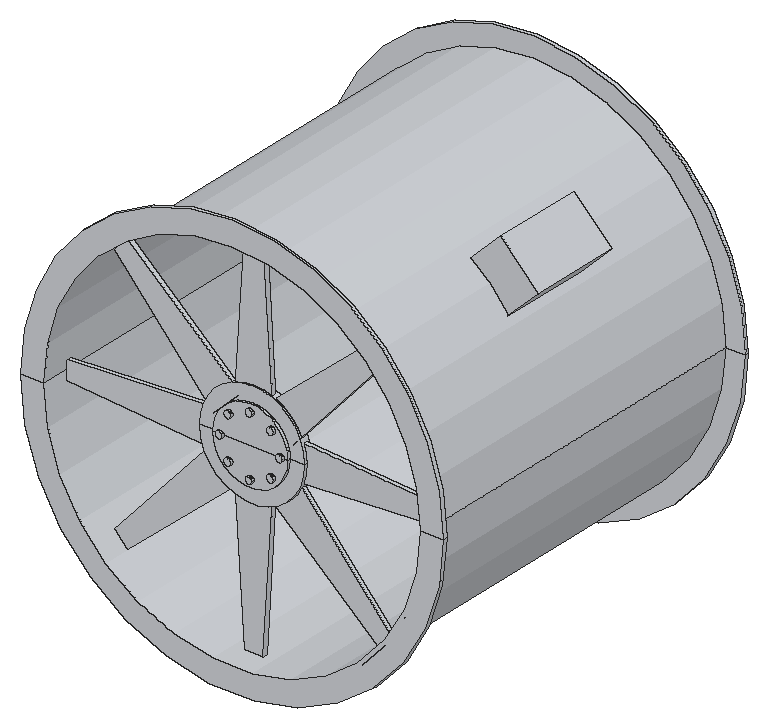
Revit family "CADS_Vent-Axia_MechEquip_Fan_LCA_560_3Ph4P - SUPPLY", category Mechanical Equipment, Revit 2020
Family settings
  Round Connector Dimension = Use Diameter
  Part Type = Normal
  OmniClass Number = 23.75.00.00
  OmniClass Title = Climate Control (HVAC)
  Work Plane-Based = No
  Always vertical = Yes
  Cut with Voids When Loaded = No
  Shared = No
  Room Calculation Point = No
Parameters (values of type "LCA563410")
  nr = NominalDiameter / 2  # 280 mm
  WorkingPressure = 0.0 Pa
  WarrantyStartDate [instance] = "1900-12-31T23:59:59"
  WarrantyPeriod = ""
  WarrantyIdentifier = "N/A"
  WarrantyGuarantorParts = "tech@vent-axia.com"
  WarrantyGuarantorLabor = "tech@vent-axia.com"
  WarrantyGuarantor = "Vent-Axia Limited"
  WarrantyEndDate [instance] = "1900-12-31T23:59:59"
  WarrantyContent = ""
  TemperatureRange = ""
  TagNumber [instance] = "N/A"
  SustainabilityPerformance = ""
  Status = "New"
  Size = ""
  Shape = ""
  ServiceLifeType = ""
  ServiceLifeDuration = ""
  SerialNumber [instance] = "N/A"
  ReplacementCost = ""
  RatedVoltage = 0 V
  RatedCurrent = 0 A
  Quantity = 1
  ProductionYear = ""
  PressureCurve = ""
  PowerFactor = ""
  PointOfContact = ""
  NumberOfPoles = 0
  NominalWidth = 560 mm
  NominalLength = 565 mm
  NominalHeight = 560 mm
  NominalFrequencyRange = ""
  NominalDiameter = 560 mm
  ModelReference = "LCAX 560mm 3PH 4P 10DEG"
  ModelNumber = "LCA563410"
  Material = ""
  ManufacturerE-Mail = "tech@vent-axia.com"
  ManufacturerAddress = "Fleming Way\nCrawley \nRH10 9YX"
  IsExtendedWarranty = no
  InsulationStandardClass = ""
  InstallationDate [instance] = "1900-12-31T23:59:59"
  IfcExportType [instance] = ""
  IfcExportAs = "IfcFanType"
  IP_Code = ""
  HasProtectiveEarth = no
  GrossWeight = 0.00 kg
  Grade = ""
  GlobalTradeItemNumber [instance] = "N/A"
  Fitting Type = "Ignore"
  Finish = ""
  Features = ""
  ExteriorInsulation = no
  ExpectedServiceLife = 0
  Exclusions = ""
  DurationUnit = "Year"
  Default Elevation = 0 mm
  Constituents = ""
  ConductorFunction = ""
  Color = ""
  CodePerformance = ""
  Category = ""
  CADS_Usage = 0
  CADS_Index = 0
  AssetType = "FIXED"
  AssetIdentifier [instance] = "N/A"
  AssemblyPlace = "UNKNOWN"
  ArticleNumber [instance] = "N/A"
  AirflowRateRange = 0.0 L/s
  Air Flow [instance] = 0.0 L/s
  AccessibilityPerformance = ""
Types (16, lengths in mm): name | ModelReference | ModelNumber
  LCA563410 | "LCAX 560mm 3PH 4P 10DEG" | "LCA563410"
  LCA563412 | "LCAX 560mm 3PH 4P 12DEG" | "LCA563412"
  LCA563414 | "LCAX 560mm 3PH 4P 14DEG" | "LCA563414"
  LCA563416 | "LCAX 560mm 3PH 4P 16DEG" | "LCA563416"
  LCA563418 | "LCAX 560mm 3PH 4P 18DEG" | "LCA563418"
  LCA563420 | "LCAX 560mm 3PH 4P 20DEG" | "LCA563420"
  LCA563422 | "LCAX 560mm 3PH 4P 22DEG" | "LCA563422"
  LCA563424 | "LCAX 560mm 3PH 4P 24DEG" | "LCA563424"
  LCA563426 | "LCAX 560mm 3PH 4P 26DEG" | "LCA563426"
  LCA563428 | "LCAX 560mm 3PH 4P 28DEG" | "LCA563428"
  LCA563430 | "LCAX 560mm 3PH 4P 30DEG" | "LCA563430"
  LCA563432 | "LCAX 560mm 3PH 4P 32DEG" | "LCA563432"
  LCA563434 | "LCAX 560mm 3PH 4P 34DEG" | "LCA563434"
  LCA563436 | "LCAX 560mm 3PH 4P 36DEG" | "LCA563436"
  LCA563438 | "LCAX 560mm 3PH 4P 38DEG" | "LCA563438"
  LCA563440 | "LCAX 560mm 3PH 4P 40DEG" | "LCA563440"
Reference planes
  plane 1 "Center (Front/Back)": y = 0
  plane 2: z = 0
  plane 3 "Center (Left/Right)": x = 0
  plane 4: x = -280
  plane 5: x = 280
  plane 6 "F": y = -282.5
  plane 7 "B": y = 282.5
  plane 8: x = -315
  plane 9: y = 277.5
  plane 10: y = -277.5
  plane 11: x = -285
  plane 12: y = -242.5
  plane 13 "top": z = 280
  plane 14: z = -280
  plane 15 "45deg": through (0, -1524, 0) normal (-0.7071, 0, -0.7071)
  plane 16 "C": through (0, -1524, 0) normal (-0.7071, 0, 0.7071)
Forms (mm)
  Revolve 1, solid
    sketch origin (0, 0, 0) x (1, 0, 0) y (0, 1, 0)
      loop
        line (-315, -282.5) -> (-280, -282.5) -> (-280, 282.5) -> (-315, 282.5) -> (-315, 277.5) -> (-285, 277.5) -> (-285, -277.5) -> (-315, -277.5) -> (-315, -282.5)
      axis (0, 282.5) -> (0, -282.5)
    angle from 0 to 360
  Sweep 2, solid
    path origin (0, 0, 0) x (1, 0, 0) y (0, 0, 1)
      loop
        line (197.99, 197.99) -> (243.952, 243.952)
    profile origin (220.971, 0, 220.971) x (-0.707107, 0, 0.707107) y (0, -1, 0)
      loop
        line (37.5, 55) -> (-42.73, 55) -> (-42.73, -79.5) -> (37.5, -79.5) -> (37.5, 55)
Dimensions and locks
  equal spacing: plane 4, plane 3 "Center (Left/Right)", plane 5
  equal spacing: plane 7 "B", plane 1 "Center (Front/Back)", plane 6 "F"
  "NominalLength": plane 7 "B" to plane 6 "F"
  "NominalDiameter": plane 4 to plane 5
  locked: plane 11 to plane 4 at 5
  locked: plane 8 to plane 11 at 30
  locked: plane 6 "F" to plane 10 at 5
  locked: plane 7 "B" to plane 9 at 5
  locked: plane 6 "F" to plane 12 at 40
  equal spacing: plane 13 "top", level, plane 14
  "NominalDiameter": plane 13 "top" to plane 14
  "nr": Sweep 2 sketch curve to nested 13
  Sweep 2 sketch curve to Sweep 2 sketch curve = 65 mm
  aligned and locked: level to plane 2
  aligned and locked: nested 1 to plane 12
Automatic sketch dimensions
  plane 6 "F" to Revolve 1 sketch curve = 0 mm
  Revolve 1 sketch curve to plane 8 = 0 mm  (x2)
  plane 10 to Revolve 1 sketch curve = 0 mm
  Revolve 1 sketch curve to plane 11 = 0 mm
  Revolve 1 sketch curve to plane 4 = 0 mm
  Revolve 1 sketch curve to plane 3 "Center (Left/Right)" = 0 mm
  plane 1 "Center (Front/Back)" to Revolve 1 sketch curve = 0 mm
  Revolve 1 sketch curve to plane 9 = 0 mm
  Revolve 1 sketch curve to plane 7 "B" = 0 mm
  plane 6 "F" to Revolve 1 sketch curve = 115 mm
  plane 1 "Center (Front/Back)" to Sweep 2 sketch curve = 55 mm
  Sweep 2 sketch curve to profile plane = 37.5 mm
  Sweep 2 sketch curve to Sweep 2 sketch curve = 80.23 mm
  Sweep 2 sketch curve to Sweep 2 sketch curve = 134.5 mm
  Sweep 2 sketch curve to plane 16 "C" = 0 mm  (x2)
Nested families
  nested 1: "Fan for ESC" at (0, -242.5, 0), ND <- "NominalDiameter", type "Fan for ESC"
    with hub 56 mm, ND 560 mm, BoltPCD 44.8 mm, Bolt Count 8, B_Diam 10 mm
  nested 2: "Bolts" at (0, -251.672, -44.8) x (-1, 0, 0) z (0, 1, 0), type "Bolts"
    with bd 10 mm
  nested 3: "Bolts" at (-31.678, -251.672, -31.678) x (-0.7071, 0, 0.7071) z (0, 1, 0), type "Bolts"
    with bd 10 mm
  nested 4: "Bolts" at (-44.8, -251.672, 0) x (0, 0, 1) z (0, 1, 0), type "Bolts"
    with bd 10 mm
  nested 5: "Bolts" at (-31.678, -251.672, 31.678) x (0.7071, 0, 0.7071) z (0, 1, 0), type "Bolts"
    with bd 10 mm
  nested 6: "Bolts" at (31.678, -251.672, 31.678) x (0.7071, 0, -0.7071) z (0, 1, 0), type "Bolts"
    with bd 10 mm
  nested 7: "Bolts" at (0, -251.672, 44.8) x (1, 0, 0) z (0, 1, 0), type "Bolts"
    with bd 10 mm
  nested 8: "ESC Blade" at (0, -242.5, 0), type "ESC Blade"
    with a 20.00°, HR 56 mm, HD 112 mm, BT 28 mm, BR 224 mm, BH 40 mm, BD 560 mm, BB 56 mm
  nested 9: "ESC Blade" at (0, -242.5, 0) x (0.7071, 0, -0.7071) z (0.7071, 0, 0.7071), type "ESC Blade"
    with a 20.00°, HR 56 mm, HD 112 mm, BT 28 mm, BR 224 mm, BH 40 mm, BD 560 mm, BB 56 mm
  nested 10: "ESC Blade" at (0, -242.5, 0) x (0, 0, -1) z (1, 0, 0), type "ESC Blade"
    with a 20.00°, HR 56 mm, HD 112 mm, BT 28 mm, BR 224 mm, BH 40 mm, BD 560 mm, BB 56 mm
  nested 11: "ESC Blade" at (0, -242.5, 0) x (-0.7071, 0, -0.7071) z (0.7071, 0, -0.7071), type "ESC Blade"
    with a 20.00°, HR 56 mm, HD 112 mm, BT 28 mm, BR 224 mm, BH 40 mm, BD 560 mm, BB 56 mm
  nested 12: "ESC Blade" at (0, -242.5, 0) x (-1, 0, 0) z (0, 0, -1), type "ESC Blade"
    with a 20.00°, HR 56 mm, HD 112 mm, BT 28 mm, BR 224 mm, BH 40 mm, BD 560 mm, BB 56 mm
  nested 13: "ESC Blade" at (0, -242.5, 0) x (-0.7071, 0, -0.7071) z (-0.7071, 0, 0.7071), type "ESC Blade"
    with a 20.00°, HR 56 mm, HD 112 mm, BT 28 mm, BR 224 mm, BH 40 mm, BD 560 mm, BB 56 mm
  nested 14: "ESC Blade" at (0, -242.5, 0) x (0, 0, -1) z (-1, 0, 0), type "ESC Blade"
    with a 20.00°, HR 56 mm, HD 112 mm, BT 28 mm, BR 224 mm, BH 40 mm, BD 560 mm, BB 56 mm
  nested 15: "ESC Blade" at (0, -242.5, 0) x (0.7071, 0, -0.7071) z (-0.7071, 0, -0.7071), type "ESC Blade"
    with a 20.00°, HR 56 mm, HD 112 mm, BT 28 mm, BR 224 mm, BH 40 mm, BD 560 mm, BB 56 mm
  nested 16: "Bolts" at (44.8, -251.672, 0) x (0, 0, -1) z (0, 1, 0), type "Bolts"
    with bd 10 mm
  nested 17: "Bolts" at (31.678, -251.672, -31.678) x (-0.7071, 0, -0.7071) z (0, 1, 0), type "Bolts"
    with bd 10 mm
Connectors
  hvac at (0, -282.5, 0), driven by "NominalDiameter", driven by "Air Flow"
    settings: on Revolve 1, index 1, duct flow 0.0 L/s, flow factor 0, pres drop 0.0 Pa, loss coef 0, conn angle 0.00°, conn width 304.8 mm, conn height 304.8 mm, conn diameter 560 mm, duct sys type 1, conn prof type 0, flow config 1, flow direction 1, loss method 0, conn ref index -1, conn util no, is conn primary yes, conn desc ""
  hvac at (0, 282.5, 0), driven by "NominalDiameter", driven by "Air Flow"
    settings: on Revolve 1, index 2, duct flow 0.0 L/s, flow factor 0, pres drop 0.0 Pa, loss coef 0, conn angle 0.00°, conn width 304.8 mm, conn height 304.8 mm, conn diameter 560 mm, duct sys type 1, conn prof type 0, flow config 0, flow direction 2, loss method 0, conn ref index -1, conn util no, is conn primary no, conn desc ""
Definition of nested family "Fan for ESC"
  Parameters (values of type "Fan for ESC")
    hub [instance] = ND / 10  # 56.7 mm
    ND [instance] = 567 mm
    Model = "."
    Default Elevation = 0 mm
    BoltPCD [instance] = hub - (hub * 0.2)  # 45.36 mm
    Bolt Count [instance] = if(hub < 50 mm, 6, 8)  # 8
    B_Diam [instance] = if(hub < 50 mm, 5 mm, 10 mm)  # 10 mm
  Reference planes
    plane 1 "Center (Front/Back)": y = 0
    plane 2: z = 0
    plane 3 "Center (Left/Right)": x = 0
    plane 4 "back": y = 20
    plane 5 "bolts": y = -9.172
    plane 6 "B": z = 56.7
    plane 7: x = -79.287
    plane 8: x = -56.7
    plane 9 "hubface": y = -6.172
  Forms (mm)
    Revolve 1, solid
      sketch origin (0, 0, 0) x (1, 0, 0) y (0, 1, 0)
        loop
          line (0, 20) -> (-56.7, 20) -> (-56.7, 10.504) -> (-79.287, 10.504) -> (-79.287, -2.597) -> (-56.7, -2.597) -> (-56.7, -6.172) -> (0, -6.172) -> (0, 20)
        axis (0, 20) -> (0, -6.172)
      angle from 0 to 360
    Extrusion 2, solid, not visible
      sketch origin (0, -6.347, -4) x (-1, 0, 0) y (0, 0, 1)
        loop
          circle (0, 84) r 5
      from 0 to 3
  Lines and regions (mm)
    symbolic lines
      curve 1: circle (0, -9.172, 0) r 45.36 normal (0, 1, 0)
    model lines, not visible
      curve 2: line (0, -6.347, 85) -> (0, -6.347, 75)
  Dimensions and locks
    "hub": plane 6 "B" to plane 2
    "hub": nested 3 to plane 3 "Center (Left/Right)"
    "hub": nested 4 to plane 3 "Center (Left/Right)"
    "hub": nested 5 to plane 3 "Center (Left/Right)"
    "hub": plane 3 "Center (Left/Right)" to nested 6
    "hub": Revolve 1 sketch curve to Revolve 1 sketch curve
    "hub": plane 3 "Center (Left/Right)" to nested 7
    "hub": plane 3 "Center (Left/Right)" to nested 8
    "hub": plane 3 "Center (Left/Right)" to nested 9
    "hub": plane 8 to plane 3 "Center (Left/Right)"
    plane 7 to plane 8 = 22.587 mm
    diameter of Extrusion 2 sketch curve = 10 mm
    "BoltPCD": radius of curve 1
    "BoltPCD": radius of radial array
    aligned and locked: level to plane 2
    aligned and locked: plane 6 "B" to nested 1
  Automatic sketch dimensions
    Revolve 1 sketch curve to plane 7 = 0 mm
    Revolve 1 sketch curve to plane 8 = 0 mm  (x2)
    Revolve 1 sketch curve to plane 3 "Center (Left/Right)" = 0 mm
    Revolve 1 sketch curve to plane 9 "hubface" = 0 mm
    plane 4 "back" to Revolve 1 sketch curve = 0 mm
    plane 1 "Center (Front/Back)" to Revolve 1 sketch curve = 2.597 mm
    plane 4 "back" to Revolve 1 sketch curve = 9.496 mm
    Revolve 1 sketch curve to Revolve 1 sketch curve = 5 mm
    Revolve 1 sketch curve to plane 4 "back" = 45 mm
    curve 1 to level = 0 mm
    curve 1 to plane 3 "Center (Left/Right)" = 0 mm
  Nested families
    nested 1: "ESC Blade" at (0, 0, 0), BD <- "ND", HD <- "hub", type "ESC Blade"
      with a 20.00°, HR 56.7 mm, HD 113.4 mm, BT 28.35 mm, BR 226.8 mm, BH 40 mm, BD 567 mm, BB 56.7 mm
    nested 2: "ESC Blade" at (0, 0, 755), BD <- "ND", HD <- "hub", type "ESC Blade", not visible
      with a 20.00°, HR 56.7 mm, HD 113.4 mm, BT 28.35 mm, BR 226.8 mm, BH 40 mm, BD 567 mm, BB 56.7 mm
    nested 3: "ESC Blade" at (0, 0, 0) x (0.7071, 0, -0.7071) z (0.7071, 0, 0.7071), BD <- "ND", HD <- "hub", type "ESC Blade"
      with a 20.00°, HR 56.7 mm, HD 113.4 mm, BT 28.35 mm, BR 226.8 mm, BH 40 mm, BD 567 mm, BB 56.7 mm
    nested 4: "ESC Blade" at (0, 0, 0) x (0, 0, -1) z (1, 0, 0), BD <- "ND", HD <- "hub", type "ESC Blade"
      with a 20.00°, HR 56.7 mm, HD 113.4 mm, BT 28.35 mm, BR 226.8 mm, BH 40 mm, BD 567 mm, BB 56.7 mm
    nested 5: "ESC Blade" at (0, 0, 0) x (-0.7071, 0, -0.7071) z (0.7071, 0, -0.7071), BD <- "ND", HD <- "hub", type "ESC Blade"
      with a 20.00°, HR 56.7 mm, HD 113.4 mm, BT 28.35 mm, BR 226.8 mm, BH 40 mm, BD 567 mm, BB 56.7 mm
    nested 6: "ESC Blade" at (0, 0, 0) x (-1, 0, 0) z (0, 0, -1), BD <- "ND", HD <- "hub", type "ESC Blade"
      with a 20.00°, HR 56.7 mm, HD 113.4 mm, BT 28.35 mm, BR 226.8 mm, BH 40 mm, BD 567 mm, BB 56.7 mm
    nested 7: "ESC Blade" at (0, 0, 0) x (-0.7071, 0, -0.7071) z (-0.7071, 0, 0.7071), BD <- "ND", HD <- "hub", type "ESC Blade"
      with a 20.00°, HR 56.7 mm, HD 113.4 mm, BT 28.35 mm, BR 226.8 mm, BH 40 mm, BD 567 mm, BB 56.7 mm
    nested 8: "ESC Blade" at (0, 0, 0) x (0, 0, -1) z (-1, 0, 0), BD <- "ND", HD <- "hub", type "ESC Blade"
      with a 20.00°, HR 56.7 mm, HD 113.4 mm, BT 28.35 mm, BR 226.8 mm, BH 40 mm, BD 567 mm, BB 56.7 mm
    nested 9: "ESC Blade" at (0, 0, 0) x (0.7071, 0, -0.7071) z (-0.7071, 0, -0.7071), BD <- "ND", HD <- "hub", type "ESC Blade"
      with a 20.00°, HR 56.7 mm, HD 113.4 mm, BT 28.35 mm, BR 226.8 mm, BH 40 mm, BD 567 mm, BB 56.7 mm
    nested 10: "Bolts" at (0, -9.172, 45.36) x (1, 0, 0) z (0, 1, 0), bd <- "B_Diam", type "Bolts"
      with bd 10 mm
    nested 11: "Bolts" at (32.074, -9.172, 32.074) x (0.7071, 0, -0.7071) z (0, 1, 0), bd <- "B_Diam", type "Bolts"
      with bd 10 mm
    nested 12: "Bolts" at (-32.074, -9.172, 32.074) x (0.7071, 0, 0.7071) z (0, 1, 0), bd <- "B_Diam", type "Bolts"
      with bd 10 mm
    nested 13: "Bolts" at (-45.36, -9.172, 0) x (0, 0, 1) z (0, 1, 0), bd <- "B_Diam", type "Bolts"
      with bd 10 mm
    nested 14: "Bolts" at (-32.074, -9.172, -32.074) x (-0.7071, 0, 0.7071) z (0, 1, 0), bd <- "B_Diam", type "Bolts"
      with bd 10 mm
    nested 15: "Bolts" at (0, -9.172, -45.36) x (-1, 0, 0) z (0, 1, 0), bd <- "B_Diam", type "Bolts"
      with bd 10 mm
    nested 16: "Bolts" at (32.074, -9.172, -32.074) x (-0.7071, 0, -0.7071) z (0, 1, 0), bd <- "B_Diam", type "Bolts"
      with bd 10 mm
    nested 17: "Bolts" at (45.36, -9.172, 0) x (0, 0, -1) z (0, 1, 0), bd <- "B_Diam", type "Bolts"
      with bd 10 mm
  Definition of nested family "ESC Blade"
    Parameters (values of type "ESC Blade")
      a [instance] = 20.00°
      HR [instance] = HD / 2  # 30 mm
      HD [instance] = BD / 5  # 60 mm
      Default Elevation = 1219.2 mm
      BT [instance] = BD / 20  # 15 mm
      BR [instance] = (BD / 2) - HR  # 120 mm
      BH [instance] = 40 mm
      BD [instance] = 300 mm
      BB [instance] = BD / 10  # 30 mm
    Reference planes
      plane 1 "Center (Front/Back)": y = 0
      plane 2: z = 0
      plane 3 "Center (Left/Right)": x = 0
      plane 4 "Blade Bot": z = 30
      plane 5: x = -15
      plane 6: x = 15
      plane 7: x = -7.5
      plane 8: x = 7.5
    Forms (mm)
      Blend 1, solid
        base sketch origin (0, 0, 30) x (-1, 0, 0) y (0, -1, 0)
          loop
            line (15, 0) -> (-15, 0) -> (-15, -6) -> (15, -6) -> (15, 0)
        top sketch origin (0, 0, 30) x (-1, 0, 0) y (0, -1, 0)
          loop
            line (7.5, -6) -> (7.5, 0) -> (-7.5, 0) -> (-7.5, -6) -> (7.5, -6)
        from 0 to 120 <- "BR"
    Dimensions and locks
      "HR": plane 4 "Blade Bot" to level
      equal spacing: plane 8, plane 3 "Center (Left/Right)", plane 7
      "BT": plane 8 to plane 7
      equal spacing: plane 6, plane 3 "Center (Left/Right)", plane 5
      "BB": plane 6 to plane 5
      aligned and locked: level to plane 2
    Automatic sketch dimensions
      plane 1 "Center (Front/Back)" to Blend 1 sketch curve = 0 mm  (x2)
      Blend 1 sketch curve to plane 6 = 0 mm
      Blend 1 sketch curve to plane 5 = 0 mm
      Blend 1 sketch curve to plane 1 "Center (Front/Back)" = 6 mm  (x2)
      Blend 1 sketch curve to plane 8 = 0 mm
      Blend 1 sketch curve to plane 7 = 0 mm
  Definition of nested family "Bolts"
    Parameters
      bd [instance] = 10 mm
      Default Elevation = 1219.2 mm
    Reference planes
      plane 1 "Center (Front/Back)": y = 0
      plane 2: z = 0
      plane 3 "Center (Left/Right)": x = 0
    Forms (mm)
      Extrusion 1, solid
        sketch origin (0, 0, 0) x (1, 0, 0) y (0, 1, 0)
          loop
            line (-1219.2, 1219.2) -> (-1219.2, -1219.2) -> (1219.2, -1219.2) -> (1219.2, 1219.2) -> (-1219.2, 1219.2)
        from 0 to -304.8
      Extrusion 2, solid
        sketch origin (0, 0, 0) x (1, 0, 0) y (0, 1, 0)
          loop
            circle (0, 0) r 5
        from 0 to 3
    Dimensions and locks
      "bd": diameter of Extrusion 2 sketch curve
      aligned and locked: plane 2 to Extrusion 1
      aligned and locked: level to Extrusion 1
    Automatic sketch dimensions
      Extrusion 1 sketch curve to Extrusion 1 sketch curve = 2438.4 mm  (x2)
      plane 1 "Center (Front/Back)" to Extrusion 2 sketch curve = 0 mm
      Extrusion 2 sketch curve to plane 3 "Center (Left/Right)" = 0 mm
Definition of nested family "Bolts"
  Parameters
    bd [instance] = 10 mm
    Default Elevation = 1219.2 mm
  Reference planes
    plane 1 "Center (Front/Back)": y = 0
    plane 2: z = 0
    plane 3 "Center (Left/Right)": x = 0
  Forms (mm)
    Extrusion 1, solid
      sketch origin (0, 0, 0) x (1, 0, 0) y (0, 1, 0)
        loop
          line (-1219.2, 1219.2) -> (-1219.2, -1219.2) -> (1219.2, -1219.2) -> (1219.2, 1219.2) -> (-1219.2, 1219.2)
      from 0 to -304.8
    Extrusion 2, solid
      sketch origin (0, 0, 0) x (1, 0, 0) y (0, 1, 0)
        loop
          circle (0, 0) r 5
      from 0 to 3
  Dimensions and locks
    "bd": diameter of Extrusion 2 sketch curve
    aligned and locked: plane 2 to Extrusion 1
    aligned and locked: level to Extrusion 1
  Automatic sketch dimensions
    Extrusion 1 sketch curve to Extrusion 1 sketch curve = 2438.4 mm  (x2)
    plane 1 "Center (Front/Back)" to Extrusion 2 sketch curve = 0 mm
    Extrusion 2 sketch curve to plane 3 "Center (Left/Right)" = 0 mm
Definition of nested family "ESC Blade"
  Parameters (values of type "ESC Blade")
    a [instance] = 20.00°
    HR [instance] = HD / 2  # 30 mm
    HD [instance] = BD / 5  # 60 mm
    Default Elevation = 1219.2 mm
    BT [instance] = BD / 20  # 15 mm
    BR [instance] = (BD / 2) - HR  # 120 mm
    BH [instance] = 40 mm
    BD [instance] = 300 mm
    BB [instance] = BD / 10  # 30 mm
  Reference planes
    plane 1 "Center (Front/Back)": y = 0
    plane 2: z = 0
    plane 3 "Center (Left/Right)": x = 0
    plane 4 "Blade Bot": z = 30
    plane 5: x = -15
    plane 6: x = 15
    plane 7: x = -7.5
    plane 8: x = 7.5
  Forms (mm)
    Blend 1, solid
      base sketch origin (0, 0, 30) x (-1, 0, 0) y (0, -1, 0)
        loop
          line (15, 0) -> (-15, 0) -> (-15, -6) -> (15, -6) -> (15, 0)
      top sketch origin (0, 0, 30) x (-1, 0, 0) y (0, -1, 0)
        loop
          line (7.5, -6) -> (7.5, 0) -> (-7.5, 0) -> (-7.5, -6) -> (7.5, -6)
      from 0 to 120 <- "BR"
  Dimensions and locks
    "HR": plane 4 "Blade Bot" to level
    equal spacing: plane 8, plane 3 "Center (Left/Right)", plane 7
    "BT": plane 8 to plane 7
    equal spacing: plane 6, plane 3 "Center (Left/Right)", plane 5
    "BB": plane 6 to plane 5
    aligned and locked: level to plane 2
  Automatic sketch dimensions
    plane 1 "Center (Front/Back)" to Blend 1 sketch curve = 0 mm  (x2)
    Blend 1 sketch curve to plane 6 = 0 mm
    Blend 1 sketch curve to plane 5 = 0 mm
    Blend 1 sketch curve to plane 1 "Center (Front/Back)" = 6 mm  (x2)
    Blend 1 sketch curve to plane 8 = 0 mm
    Blend 1 sketch curve to plane 7 = 0 mm
